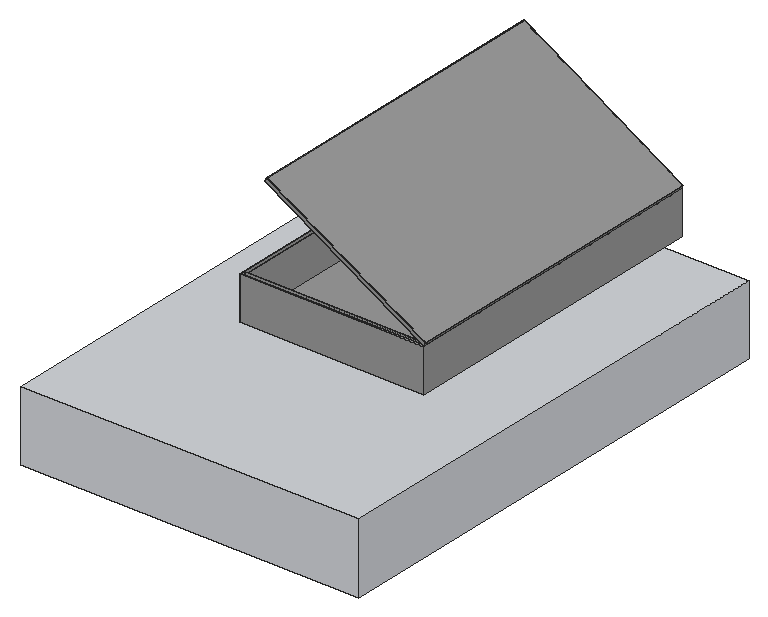
Revit family "Hager-Univers-IP44-D205-H1400-Cl.II-Encl-BE-en", category Equipement électrique, Revit 2020
Family settings
  Hôte = Face
  Configuration du panneau = Deux colonnes, circuits au sein
  Cote de connecteur circulaire = Utiliser le diamètre
  Type d'élément = Tableau de raccordement
  Couper avec des vides une fois chargée = Non
  Partagée = Non
  Point de calcul de pièce = Non
Parameters (values of type "Surface mounted (plaster) IP44 W800 H1400 D205  - FP93QS")
  Width Control [instance] = if([EF000008 - Width] > Min Width, [EF000008 - Width], Min Width)  # 800 mm
  Commentaires du type = [HG000003 - Range]  # "Univers"
  Thickness Door [instance] = if([EF009171 - Material plate thickness door/cover] > 3 mm, 3 mm, [EF009171 - Material plate thickness door/cover])  # 1 mm
  Seal Frame Offset [instance] = 17 mm  # constant formula
  Plinth Visibility [instance] = [HG000027 - Plinth height] > 0 mm  # no
  Model = ""
  Min Width [instance] = 100 mm  # constant formula
  Min Height [instance] = 100 mm  # constant formula
  Min Depth [instance] = (2 * [EF009170 - Material plate thickness cabinet]) + 1 mm  # 3 mm
  Internal Frame Depth [instance] = (Door System Depth * 0.5)  # 9 mm
  Height Control [instance] = if([EF000040 - Height] > Min Height, [EF000040 - Height], Min Height)  # 1400 mm
  HG000027 - Plinth height = 0 mm
  HG000026 - Floor standing = no
  HG000024 - Bottom section height = 800 mm
  HG000023 - Double section enclosure = no
  HG000016 - Door 3d visibility [instance] = yes
  HG000015 - Clearance visibility [instance] = no
  HG000014 - Door on the right [instance] = yes
  HG000013 - Door on the left [instance] = not([HG000014 - Door on the right])  # no
  HG000012 - Door swing angle [instance] = 30.00°
  HG000010 - Asymmetric doors = no
  HG000009 - Double swing door = no
  HG000006 - Flush mounted = no
  HG000004 - Manufacturer reference = "FP93QS"
  HG000003 - Range = "Univers"
  HG000002 - With door or cover = yes
  Frame Offset Bottom [instance] = 10 mm  # constant formula
  Frame Offset [instance] = 15 mm  # constant formula
  EF015940 - Cover with overpressure release = no
  EF011959 - Degree of protection (NEMA) = ""
  EF009554 - Number of openings for flange plates = 6
  EF009212 - Cover model = "EV000116 - Closed"
  EF009171 - Material plate thickness door/cover = 1 mm
  EF009170 - Material plate thickness cabinet = 1 mm
  Fabricant = "Hager"  # constant formula
  EF008873 - Nominal current (In) = 250 A
  EF007800 - Suitable for lightning protection = no
  EF006306 - With lock = no
  EF006244 - Transparent cover/door = no
  EF005474 - Degree of protection (IP) = "EV006418 - IP44"
  EF004464 - Type of door = "EV002646 - Single"
  EF004427 - Number of modules = 324
  EF004293 - Impact strength = "EV006815 - IK09"
  EF003532 - Suitable for outdoor use = no
  EF002950 - Width in number of modular spacings = 36
  EF001613 - Circuit integrity = "EV000494 - None"
  EF001596 - Material housing = "EV000179 - Steel"
  EF001131 - Internal depth = 143 mm
  EF001088 - Extension possible = yes
  EF000437 - Number of conduit inlets = 6
  EF000339 - Type of cover = "EV001012 - Cover"
  EF000266 - Number of rows = 9
  EF000218 - Built-in depth = 0 mm
  EF000118 - With mounting plate = no
  EF000116 - RAL-number = "9010"
  EF000049 - Depth = 205 mm
  EF000040 - Height = 1400 mm
  EF000008 - Width = 800 mm
  EF000007 - Colour = "EV000202 - White"
  EF000003 - Mounting method = "EV000384 - Surface mounted (plaster)"
  Door System Leaf Tolerance [instance] = 1.5 mm  # constant formula
  Door System Depth [instance] = 18 mm  # constant formula
  Door Height [instance] = Height Control - [HG000027 - Plinth height]  # 1400 mm
  Depth Control [instance] = if([EF000049 - Depth] > Min Depth, [EF000049 - Depth], Min Depth)  # 205 mm
  Default Elevation = 0 mm
  Connector Offset [instance] = Height Control / 2  # 700 mm
  Bottom Top Plate Trim [instance] = 1.5 mm  # constant formula
  Plinth height Ctrl [instance] = if([HG000027 - Plinth height] > 0 mm, [HG000027 - Plinth height], 12 mm)  # 12 mm
Types (5, lengths in mm): name | Width Control | HG000009 - Double swing door | HG000004 - Manufacturer reference | EF009554 - Number of openings for flange plates | EF004464 - Type of door | EF004427 - Number of modules | EF002950 - Width in number of modular spacings | EF000437 - Number of conduit inlets | EF000008 - Width
  Surface mounted (plaster) IP44 W1050 H1400 D205  - FP94QS | 1050 | yes | "FP94QS" | 8 | "EV003602 - Double" | 432 | 48 | 8 | 1050
  Surface mounted (plaster) IP44 W1300 H1400 D205  - FP95QS | 1300 | yes | "FP95QS" | 10 | "EV003602 - Double" | 540 | 60 | 10 | 1300
  Surface mounted (plaster) IP44 W300 H1400 D205  - FP91QS | 300 | no | "FP91QS" | 2 | "EV002646 - Single" | 108 | 12 | 2 | 300
  Surface mounted (plaster) IP44 W550 H1400 D205  - FP92QS | 550 | no | "FP92QS" | 4 | "EV002646 - Single" | 216 | 24 | 4 | 550
  Surface mounted (plaster) IP44 W800 H1400 D205  - FP93QS | 800 | no | "FP93QS" | 6 | "EV002646 - Single" | 324 | 36 | 6 | 800
Reference planes
  plane 1 "Center (Front/Back)": y = 0
  plane 2: z = 0
  plane 3 "Center (Left/Right)": x = 0
  plane 4: z = 205
  plane 5: y = 1
  plane 6: y = 700
  plane 7: y = 0
  plane 8: y = 1400
  plane 9: z = 0
  plane 10: x = -385
  plane 11: x = 385
  plane 12: x = 384
  plane 13: x = -384
  plane 14: y = 1399
  plane 15: x = -383
  plane 16: x = -400
  plane 17: x = 383
  plane 18: x = 400
  plane 19: x = 399
  plane 20: x = -399
  plane 21: y = 11
  plane 22: y = 1400
  plane 23: y = 1384
  plane 24: z = 187
  plane 25: z = 1
  plane 26: z = 186
  plane 27: z = 204
Forms (mm)
  Extrusion 1, solid
    sketch origin (0, 0, 0) x (1, 0, 0) y (0, 1, 0)
      loop
        line (-702.964, 1305) -> (-702.964, -811.445) -> (766.763, -811.445) -> (766.763, 1305) -> (-702.964, 1305)
    from 0 to -304.8
  Extrusion 2, solid, material "Hager_Steel_RAL7035_Light_Grey", visible <- "Plinth Visibility", detail levels medium+fine
    sketch origin (0, 0, 0) x (1, 0, 0) y (0, 1, 0)
      loop
        line (-400, 0) -> (400, 0) -> (400, 12) -> (-400, 12) -> (-400, 0)
    from 0 to 187
  Extrusion 3, solid, material "Hager_Steel_RAL7035_Light_Grey", detail levels medium+fine
    sketch origin (0, 0, 0) x (1, 0, 0) y (0, 1, 0)
      loop
        line (-400, 0) -> (400, 0) -> (400, 1400) -> (-400, 1400) -> (-400, 0)
    from 0 to 187
  Extrusion 4, void
    sketch origin (0, 0, 0) x (1, 0, 0) y (0, 1, 0)
      loop
        line (-399, 1) -> (399, 1) -> (399, 1399) -> (-399, 1399) -> (-399, 1)
    from 1 to 186
  Extrusion 5, void
    sketch origin (-381.607, -4572, 187) x (0, -1, 0) y (-1, 0, 0)
      loop
        line (-4583, 2.393) -> (-5956, 2.393) -> (-5956, -765.607) -> (-4583, -765.607) -> (-4583, 2.393)
    from 0 to 1 <- "EF009170 - Material plate thickness cabinet"
  Extrusion 6, solid, material "Hager_Steel_RAL7035_Light_Grey", detail levels fine
    sketch origin (0, 0, 187) x (1, 0, 0) y (0, 1, 0)
      loop
        line (-384, 1384) -> (-384, 11) -> (384, 11) -> (384, 1384) -> (-384, 1384)
      loop
        line (-385, 10) -> (385, 10) -> (385, 1385) -> (-385, 1385) -> (-385, 10)
    from 0 to 9 <- "Internal Frame Depth"
  Extrusion 7, solid, material "Hager_Steel_RAL7035_Light_Grey", detail levels coarse
    sketch origin (0, 0, 0) x (1, 0, 0) y (0, 1, 0)
      loop
        line (-400, 0) -> (400, 0) -> (400, 1400) -> (-400, 1400) -> (-400, 0)
    from 0 to 205
  Sweep 8, void
    path in 3D
      loop
        line (-400, 12, 0) -> (400, 12, 0) -> (400, 12, 187) -> (-400, 12, 187) -> (-400, 12, 0)
    profile origin (-400, 12, 93.5) x (-1, 0, 0) y (0, -1, 0)
      loop
        line (0, 0) -> (0, 1.5) -> (-1.5, 1.5)
        arc (-1.5, 1.5) -> (-1.061, 0.439) -> (0, 0) r 1.5
Cuts and joins
  Extrusion 4, Extrusion 5 cuts Extrusion 3
  Sweep 8 cuts Extrusion 2
Lines and regions (mm)
  Masking region 1
    outline origin (0, 0, 0) x (1, 0, 0) y (0, 0, 1)
      loop
        line (-400, 205) -> (-400, 0) -> (400, 0) -> (400, 205) -> (-400, 205)
  Masking region 2, detail levels medium+fine
    outline origin (0, 140, 0) x (0, 1, 0) y (0, 0, 1)
      loop
        line (-140, 0) -> (1260, 0) -> (1260, 187) -> (-140, 187) -> (-140, 0)
  Masking region 3, not visible, detail levels medium+fine
    outline origin (0, 297.922, 0) x (0, 1, 0) y (0, 0, 1)
      loop
        line (413.578, 0) -> (453.578, 0) -> (453.578, 194)
        arc (453.578, 194) -> (450.649, 201.071) -> (443.578, 204) r 10
        line (443.578, 204) -> (413.578, 204) -> (413.578, 0)
  Masking region 4, detail levels coarse
    outline origin (0, 0, 180) x (0, 1, 0) y (0, 0, 1)
      loop
        line (0, -180) -> (1400, -180) -> (1400, 25) -> (0, 25) -> (0, -180)
  Masking region 5, visible <- "Plinth Visibility", detail levels medium+fine
    outline origin (0, 52.24, 12.345) x (0, 0, -1) y (0, 1, 0)
      loop
        line (10.845, -40.24) -> (-173.155, -40.24)
        arc (-173.155, -40.24) -> (-173.594, -41.301) -> (-174.655, -41.74) r 1.5
        line (-174.655, -41.74) -> (-174.655, -52.24) -> (12.345, -52.24) -> (12.345, -41.74)
        arc (12.345, -41.74) -> (11.285, -41.301) -> (10.845, -40.24) r 1.5
  Masking region 6, detail levels medium+fine
    outline origin (-381.607, -4572, 187) x (-1, 0, 0) y (0, -1, 0)
      loop
        line (18.393, -5972) -> (18.393, -4572) -> (-781.607, -4572) -> (-781.607, -5972) -> (18.393, -5972)
  Masking region 7, visible <- "Plinth Visibility", detail levels medium+fine
    outline origin (-381.607, -4727, 187) x (-1, 0, 0) y (0, -1, 0)
      loop
        arc (16.893, -4739) -> (17.332, -4737.939) -> (18.393, -4737.5) r 1.5
        line (18.393, -4737.5) -> (18.393, -4727) -> (-781.607, -4727) -> (-781.607, -4737.5)
        arc (-781.607, -4737.5) -> (-780.546, -4737.939) -> (-780.107, -4739) r 1.5
        line (-780.107, -4739) -> (16.893, -4739)
  Masking region 8, detail levels coarse
    outline origin (-442.548, -4669.526, 187) x (-1, 0, 0) y (0, -1, 0)
      loop
        line (-42.548, -6069.526) -> (-42.548, -4669.526) -> (-842.548, -4669.526) -> (-842.548, -6069.526) -> (-42.548, -6069.526)
  sketch lines
    curve 1: line (-400, 12, 187) -> (-400, 12, 0)
    curve 2: line (400, 12, 187) -> (-400, 12, 187)
    curve 3: line (400, 12, 187) -> (400, 12, 0)
    curve 4: line (-400, 12, 0) -> (400, 12, 0)
Dimensions and locks
  "Depth Control": plane 4 to Extrusion 1
  "HG000027 - Plinth height": plane 1 "Center (Front/Back)" to plane 7
  "EF009170 - Material plate thickness cabinet": plane 5 to plane 7
  locked: connector elem to plane 3 "Center (Left/Right)"
  equal spacing: plane 8, plane 6, plane 7
  locked: connector elem to plane 6
  "EF009170 - Material plate thickness cabinet": plane 8 to plane 14
  "EF009170 - Material plate thickness cabinet": plane 10 to plane 13
  "EF009170 - Material plate thickness cabinet": plane 12 to plane 11
  "Frame Offset": plane 20 to plane 13
  "Frame Offset": plane 12 to plane 19
  "EF009170 - Material plate thickness cabinet": plane 16 to plane 20
  "EF009170 - Material plate thickness cabinet": plane 19 to plane 18
  "Seal Frame Offset": plane 16 to plane 15
  "Seal Frame Offset": plane 17 to plane 18
  "Frame Offset Bottom": plane 21 to plane 5
  "Frame Offset": plane 14 to plane 23
  equal spacing: plane 16, plane 3 "Center (Left/Right)", plane 18
  "Width Control": plane 16 to plane 18
  "EF009170 - Material plate thickness cabinet": plane 4 to plane 27
  "EF009170 - Material plate thickness cabinet": plane 24 to plane 26
  "EF009170 - Material plate thickness cabinet": plane 25 to level
  "Door System Depth": plane 4 to plane 24
  "Height Control": plane 1 "Center (Front/Back)" to Extrusion 7 sketch curve
  "Height Control": Masking region 4 sketch curve to plane 1 "Center (Front/Back)"
  "Height Control": plane 1 "Center (Front/Back)" to plane 22
  "Bottom Top Plate Trim": profile plane to Sweep 8 sketch curve
  "Bottom Top Plate Trim": Sweep 8 sketch curve to profile plane
  "Plinth height Ctrl": plane 1 "Center (Front/Back)" to Extrusion 2 sketch curve
  "Plinth height Ctrl": Masking region 5 sketch curve to plane 1 "Center (Front/Back)"
  "Plinth height Ctrl": plane 1 "Center (Front/Back)" to Masking region 7 sketch curve
  "Thickness Door": Extrusion 6 sketch curve to Extrusion 6 sketch curve  (x3)
  "Thickness Door": cut or joined group of Extrusion 3, Extrusion 4, Extrusion 5 to Extrusion 6 sketch curve
  radius of Masking region 3 sketch curve = 10 mm
  "Bottom Top Plate Trim": radius of Masking region 5 sketch curve  (x2)
  "Bottom Top Plate Trim": radius of Sweep 8 sketch curve
  "Bottom Top Plate Trim": radius of Masking region 7 sketch curve  (x2)
  aligned and locked: plane 2 to Extrusion 1
  aligned and locked: level to Extrusion 1
  aligned and locked: level to Masking region 1 sketch curve
  aligned and locked: Masking region 1 sketch curve to plane 18
  aligned and locked: Masking region 1 sketch curve to plane 16
  aligned and locked: plane 7 to Masking region 2 sketch curve
  aligned and locked: level to Masking region 3 sketch curve
  aligned and locked: Masking region 3 sketch curve to plane 27
  aligned and locked: level to Masking region 2 sketch curve
  aligned and locked: plane 1 "Center (Front/Back)" to Extrusion 2 sketch curve
  aligned and locked: Extrusion 3 sketch curve to plane 7
  aligned and locked: plane 16 to Extrusion 3 sketch curve
  aligned and locked: plane 18 to Extrusion 3 sketch curve
  aligned and locked: plane 20 to Extrusion 4 sketch curve
  aligned and locked: plane 19 to Extrusion 4 sketch curve
  aligned and locked: Extrusion 4 sketch curve to plane 5
  aligned and locked: Extrusion 4 to plane 25
  aligned and locked: plane 26 to Extrusion 4
  aligned and locked: plane 24 to Extrusion 3
  aligned and locked: Extrusion 5 sketch curve to plane 21
  aligned and locked: Extrusion 5 sketch curve to plane 13
  aligned and locked: Extrusion 5 sketch curve to plane 12
  aligned and locked: plane 18 to Extrusion 7 sketch curve
  aligned and locked: plane 1 "Center (Front/Back)" to Extrusion 7 sketch curve
  aligned and locked: plane 16 to Extrusion 7 sketch curve
  aligned and locked: plane 4 to Extrusion 7
  aligned and locked: Extrusion 7 to level
  aligned and locked: level to Masking region 4 sketch curve
  aligned and locked: Masking region 4 sketch curve to plane 1 "Center (Front/Back)"
  aligned and locked: Masking region 4 sketch curve to plane 4
  aligned and locked: nested 1 to level
  aligned and locked: nested 1 to plane 16
  aligned and locked: plane 8 to Extrusion 3 sketch curve
  aligned and locked: plane 23 to Extrusion 5 sketch curve
  aligned and locked: plane 14 to Extrusion 4 sketch curve
  aligned and locked: Masking region 2 sketch curve to plane 8
  aligned and locked: level to Masking region 5 sketch curve
  aligned and locked: plane 16 to Extrusion 2 sketch curve
  aligned and locked: plane 18 to Extrusion 2 sketch curve
  aligned and locked: Masking region 5 sketch curve to plane 24
  aligned and locked: Masking region 2 sketch curve to plane 24
  aligned and locked: plane 24 to Extrusion 2
  aligned and locked: profile plane to Sweep 8 sketch curve  (x2)
  aligned and locked: Masking region 6 sketch curve to plane 18
  aligned and locked: Masking region 6 sketch curve to plane 22
  aligned and locked: Masking region 6 sketch curve to plane 16
  aligned and locked: plane 8 to plane 22
  aligned and locked: Masking region 6 sketch curve to plane 7
  aligned and locked: Masking region 7 sketch curve to plane 16
  aligned and locked: Masking region 7 sketch curve to plane 1 "Center (Front/Back)"
  aligned and locked: Masking region 7 sketch curve to plane 18
  aligned and locked: Masking region 8 sketch curve to plane 1 "Center (Front/Back)"
  aligned and locked: Masking region 8 sketch curve to plane 18
  aligned and locked: Masking region 8 sketch curve to plane 22
  aligned and locked: Masking region 8 sketch curve to plane 16
  aligned and locked: nested 2 to plane 7
  aligned and locked: plane 3 "Center (Left/Right)" to nested 2
  aligned and locked: nested 2 to plane 24
  aligned and locked: Extrusion 6 sketch curve to cut or joined group of Extrusion 3, Extrusion 4, Extrusion 5  (x4)
Automatic sketch dimensions
  Extrusion 1 sketch curve to Extrusion 1 sketch curve = 1469.727 mm
  Extrusion 1 sketch curve to Extrusion 1 sketch curve = 2116.445 mm
  Masking region 1 sketch curve to plane 4 = 0 mm
  plane 6 to Masking region 3 sketch curve = 11.5 mm
  Masking region 3 sketch curve to Masking region 3 sketch curve = 30 mm
  Masking region 5 sketch curve to plane 1 "Center (Front/Back)" = 0 mm
Nested families
  nested 1: "Hager_Enclosure_Symbol" at (-400, 0, 0) x (1, 0, 0) z (0, -1, 0), Height <- "Depth Control", Width <- "Width Control", type "Hager_Enclosure_Symbol"
    with Width_Ctrl 800 mm, Width 800 mm, Height_Ctrl 205 mm, Height 205 mm, A_Width_Int 13.453 mm, A_Width 161.438 mm, A_Height_Ctrl 179.375 mm, A_Height 179.375 mm
  nested 2: "EC000058_Univers_Door" at (0, 0, 187) x (1, 0, 0) z (0, 1, 0), Leaf_Tolerance <- "Door System Leaf Tolerance", Angle <- "HG000012 - Door swing angle", Door_Depth <- "Door System Depth", Door_Left <- "HG000013 - Door on the left", Transparent <- "EF006244 - Transparent cover/door", Assymetrical <- "HG000010 - Asymmetric doors", Width <- "Width Control", Clearance <- "HG000015 - Clearance visibility", Double <- "HG000009 - Double swing door", 3d_Door <- "HG000016 - Door 3d visibility", Lock_Visibility <- "EF006306 - With lock", Width_Ctrl <- "Width Control", Door_Right <- "HG000014 - Door on the right", Door <- "HG000002 - With door or cover", Height <- "Door Height", Thickness <- "Thickness Door", type "EC000058_Univers_Door", detail levels medium+fine
    with min_wh 3 mm, Width_Ctrl 800 mm, Width 800 mm, Transparent no, Thickness 1 mm, Seal_Material Hager_Rubber, Lock_Visibility no, Lock_Material Hager_Plastic_RAL9005_Jet_Black, Leaf_Width 800 mm, Leaf_Tolerance_External_Sides 0 mm, Leaf_Tolerance 1.5 mm, Leaf_Offset 0 mm, Leaf_Height 1397 mm, Leaf_2_Width 800 mm, Leaf_2_Offset 400 mm, Leaf_1_Width 800 mm, Leaf_1_Offset 400 mm, Height_Ctrl 1400 mm, Height 1400 mm, Glass_Material Hager_Glass, Double_Clearance_Ctrl no, Double no, Door_Right_Ctrl yes, Door_Right yes, Door_Material Hager_Steel_RAL7035_Light_Grey, Door_Left_Ctrl no, Door_Left no, Door_Depth 18 mm, Door yes, Clearance_Material Hager_Clearance, Clearance_Depth 800 mm, Clearance_Ctrl no, Clearance no, Assymetrical no, Angle 30.00°, 3d_Door yes
Connectors
  electrical at (0, 700, 0)
    settings: on plane 9, index 1, voltage 0 V, apparent load 0 VA, apparent load phase1 0 VA, apparent load phase2 0 VA, apparent load phase3 0 VA, power factor 1, load classification "Other", number of poles 1, system type 30, power factor state 1, is connector primary yes, connector utility no, sub classification motor no, connector description ""
Definition of nested family "EC000058_Univers_Door"
  Parameters (values of type "EC000058_Univers_Door")
    min_wh [instance] = (2 * Thickness) + 1 mm  # 11 mm
    Width_Ctrl [instance] = 400 mm
    Width [instance] = 500 mm
    Transparent [instance] = yes
    Thickness [instance] = 5 mm
    Seal_Material [instance] = none
    Lock_Visibility [instance] = yes
    Lock_Material [instance] = none
    Leaf_Width [instance] = if((Width_Ctrl - 2 * Leaf_Tolerance_External_Sides) > 0 mm, (Width_Ctrl - 2 * Leaf_Tolerance_External_Sides), min_wh)  # 400 mm
    Leaf_Tolerance_External_Sides [instance] = 0 mm  # constant formula
    Leaf_Tolerance [instance] = 1.5 mm
    Leaf_Offset [instance] = 0 mm  # constant formula
    Leaf_Height [instance] = if((Height_Ctrl - 2 * Leaf_Tolerance) > 0 mm, (Height_Ctrl - 2 * Leaf_Tolerance), min_wh)  # 497 mm
    Leaf_2_Width [instance] = if(and(and(Double, Assymetrical), Door_Left), (Leaf_Width / 3) - (Leaf_Tolerance / 2), if(and(and(Double, Assymetrical), Door_Right), (Leaf_Width / 3) * 2 - (Leaf_Tolerance / 2), if(and(Double, not(Assymetrical)), (Leaf_Width / 2) - Leaf_Tolerance, Leaf_Width)))  # 400 mm
    Leaf_2_Offset [instance] = if(and(Double, Assymetrical), Leaf_2_Width / 2, if(and(Double, not(Assymetrical)), Leaf_Width / 4, Leaf_Width / 2))  # 200 mm
    Leaf_1_Width [instance] = if(and(and(Double, Assymetrical), Door_Right), (Leaf_Width / 3) - (Leaf_Tolerance / 2), if(and(and(Double, Assymetrical), Door_Left), (Width / 3) * 2 - (Leaf_Tolerance / 2), if(and(Double, not(Assymetrical)), (Leaf_Width / 2) - Leaf_Tolerance, Leaf_Width)))  # 400 mm
    Leaf_1_Offset [instance] = if(and(Double, Assymetrical), Leaf_1_Width / 2, if(and(Double, not(Assymetrical)), Leaf_Width / 4, Leaf_Width / 2))  # 200 mm
    Height_Ctrl [instance] = if(Height > min_wh, Height, min_wh)  # 500 mm
    Height [instance] = 500 mm
    Glass_Material [instance] = none
    Double_Clearance_Ctrl [instance] = and(Double, Clearance)  # no
    Double [instance] = no
    Door_Right_Ctrl [instance] = and(or(Door_Right, Double), Door)  # yes
    Door_Right [instance] = yes
    Door_Material [instance] = none
    Door_Left_Ctrl [instance] = and(or(Door_Left, Double), Door)  # no
    Door_Left [instance] = no
    Door_Depth [instance] = 30 mm
    Door [instance] = yes
    Default Elevation = 1219.2 mm
    Clearance_Material [instance] = none
    Clearance_Depth [instance] = if(Leaf_1_Width > Leaf_2_Width, Leaf_1_Width, Leaf_2_Width)  # 400 mm
    Clearance_Ctrl [instance] = and(not(Double), Clearance)  # yes
    Clearance [instance] = yes
    Assymetrical [instance] = yes
    Angle [instance] = 30.00°
    3d_Door [instance] = yes
  Reference planes
    plane 1 "Center (Front/Back)": y = 0
    plane 2 "Bottom": z = 0
    plane 3 "Center (Left/Right)": x = 0
    plane 4: z = 500
    plane 5: x = -200
    plane 6: x = 200
    plane 7: z = 500
    plane 8: x = -200
    plane 9: z = 0
    plane 10: x = 200
    plane 11: y = 0
    plane 12: z = 1.5
    plane 13: x = -600
    plane 14: y = -400
    plane 15: x = 600
    plane 16: x = 0
    plane 17: x = 0
    plane 18: x = -200
    plane 19: x = 200
    plane 20: z = 498.5
  Forms (mm)
    Extrusion 1, solid, material <- "Clearance_Material", visible <- "Double_Clearance_Ctrl"
      sketch origin (1200, 0, 0) x (1, 0, 0) y (0, 0, -1)
        loop
          line (-1800, -498.5) -> (-600, -498.5) -> (-600, 0) -> (-1800, 0) -> (-1800, -498.5)
      from 0 to -400
  Dimensions and locks
    equal spacing: plane 5, plane 3 "Center (Left/Right)", plane 6
    "Width_Ctrl": plane 5 to plane 6
    "Leaf_Offset": plane 5 to plane 8
    "Leaf_Offset": plane 6 to plane 10
    "Leaf_Offset": plane 9 to level
    "Leaf_Offset": plane 4 to plane 7
    "Height_Ctrl": plane 4 to level
    "Leaf_Tolerance": plane 12 to plane 9
    locked: plane 11 to plane 1 "Center (Front/Back)"
    "Leaf_1_Offset": plane 18 to plane 16
    "Leaf_2_Offset": plane 17 to plane 19
    "Leaf_1_Width": plane 13 to plane 8
    "Leaf_2_Width": plane 10 to plane 15
    "Clearance_Depth": plane 14 to plane 1 "Center (Front/Back)"
    "Leaf_Tolerance_External_Sides": plane 8 to plane 18
    "Leaf_Tolerance_External_Sides": plane 19 to plane 10
    "Leaf_Tolerance": plane 7 to plane 20
    aligned and locked: level to plane 2 "Bottom"
    aligned and locked: nested 1 to plane 16
    aligned and locked: nested 2 to plane 17
    aligned and locked: Extrusion 1 to plane 13
    aligned and locked: plane 15 to Extrusion 1
    aligned and locked: Extrusion 1 to plane 14
    aligned and locked: plane 12 to nested 1
    aligned and locked: nested 2 to plane 12
    aligned and locked: Extrusion 1 to plane 11
    aligned and locked: plane 20 to Extrusion 1
    aligned and locked: nested 2 to plane 11
    aligned and locked: nested 1 to plane 11
  Automatic sketch dimensions
    Extrusion 1 sketch curve to level = 0 mm
    plane 5 to Extrusion 1 sketch curve = 400 mm
    plane 6 to Extrusion 1 sketch curve = 400 mm
    Extrusion 1 sketch curve to plane 4 = 1.5 mm
  Nested families
    nested 1: "EC000058_Univers_Door_Leaf" at (0, 0, 1.5), Width <- "Leaf_1_Width", visible <- "Door_Left_Ctrl", Leaf_Height <- "Leaf_Height", Angle <- "Angle", 3d_Door <- "3d_Door", Transparent <- "Transparent", Clearance Material <- "Clearance_Material", Clearance <- "Clearance_Ctrl", Door_Material <- "Door_Material", Glass_Material <- "Glass_Material", Door_Depth <- "Door_Depth", Lock_Material <- "Lock_Material", Seal_Material <- "Seal_Material", Lock_Visibility <- "Lock_Visibility", Thickness <- "Thickness", type "EC000058_Univers_Door_Leaf"
      with Width 400 mm, Transparent_Glass_Offset 30 mm, Transparent_Ctrl yes, Transparent yes, Thickness 5 mm, Standard no, Seal_Material none, Seal_D2 8 mm, Seal_D1 1 mm, Offset_Internal_Frame 10 mm, Lock_Width 20 mm, Lock_Visibility_3d yes, Lock_Visibility yes, Lock_Thickness_3 3 mm, Lock_Thickness_2 1 mm, Lock_Thickness_1 3 mm, Lock_Radius_Offset_2 16 mm, Lock_Radius_Offset_1 15 mm, Lock_Radius_2 5 mm, Lock_Radius 6 mm, Lock_Offset 5 mm, Lock_Material none, Lock_Height 80 mm, Lock_Cover_Top_Offset_2d 17 mm, Lock_Cover_Height -65 mm, Leaf_Height 497 mm, Internal_Seal_Thickness 8 mm, Internal_Seal_Depth_2 4.5 mm, Internal_Frame_Depth 25 mm, Glass_Thickness -1 mm, Glass_Offset -2 mm, Glass_Material none, Door_Material none, Door_Depth 30 mm, Clearance Material none, Clearance yes, Angle_Ctrl 30.00°, Angle 30.00°, 3d_Door yes
    nested 2: "EC000058_Univers_Door_Leaf" at (0, 0, 1.5) x (-1, 0, 0) z (0, 0, 1), Width <- "Leaf_2_Width", visible <- "Door_Right_Ctrl", Leaf_Height <- "Leaf_Height", Angle <- "Angle", 3d_Door <- "3d_Door", Transparent <- "Transparent", Clearance Material <- "Clearance_Material", Clearance <- "Clearance_Ctrl", Door_Material <- "Door_Material", Glass_Material <- "Glass_Material", Door_Depth <- "Door_Depth", Lock_Material <- "Lock_Material", Seal_Material <- "Seal_Material", Lock_Visibility <- "Lock_Visibility", Thickness <- "Thickness", type "EC000058_Univers_Door_Leaf"
      with Width 400 mm, Transparent_Glass_Offset 30 mm, Transparent_Ctrl yes, Transparent yes, Thickness 5 mm, Standard no, Seal_Material none, Seal_D2 8 mm, Seal_D1 1 mm, Offset_Internal_Frame 10 mm, Lock_Width 20 mm, Lock_Visibility_3d yes, Lock_Visibility yes, Lock_Thickness_3 3 mm, Lock_Thickness_2 1 mm, Lock_Thickness_1 3 mm, Lock_Radius_Offset_2 16 mm, Lock_Radius_Offset_1 15 mm, Lock_Radius_2 5 mm, Lock_Radius 6 mm, Lock_Offset 5 mm, Lock_Material none, Lock_Height 80 mm, Lock_Cover_Top_Offset_2d 17 mm, Lock_Cover_Height -65 mm, Leaf_Height 497 mm, Internal_Seal_Thickness 8 mm, Internal_Seal_Depth_2 4.5 mm, Internal_Frame_Depth 25 mm, Glass_Thickness -1 mm, Glass_Offset -2 mm, Glass_Material none, Door_Material none, Door_Depth 30 mm, Clearance Material none, Clearance yes, Angle_Ctrl 30.00°, Angle 30.00°, 3d_Door yes
  Definition of nested family "EC000058_Univers_Door_Leaf"
    Parameters (values of type "EC000058_Univers_Door_Leaf")
      Width [instance] = 2000 mm
      Transparent_Glass_Offset [instance] = 30 mm
      Transparent_Ctrl [instance] = and(Transparent, [3d_Door])  # yes
      Transparent [instance] = yes
      Thickness [instance] = 5 mm
      Standard [instance] = and(not(Transparent), [3d_Door])  # no
      Seal_Material [instance] = none
      Seal_D2 [instance] = 8 mm  # constant formula
      Seal_D1 [instance] = 1 mm  # constant formula
      Offset_Internal_Frame [instance] = 10 mm  # constant formula
      Lock_Width [instance] = 20 mm  # constant formula
      Lock_Visibility_3d [instance] = and(Lock_Visibility, [3d_Door])  # yes
      Lock_Visibility [instance] = yes
      Lock_Thickness_3 [instance] = 3 mm  # constant formula
      Lock_Thickness_2 [instance] = 1 mm  # constant formula
      Lock_Thickness_1 [instance] = 3 mm  # constant formula
      Lock_Radius_Offset_2 [instance] = Lock_Radius_Offset_1 + 1 mm  # 16 mm
      Lock_Radius_Offset_1 [instance] = 15 mm  # constant formula
      Lock_Radius_2 [instance] = Lock_Radius - 1 mm  # 5 mm
      Lock_Radius [instance] = 6 mm  # constant formula
      Lock_Offset [instance] = 5 mm  # constant formula
      Lock_Material [instance] = none
      Lock_Height [instance] = 80 mm  # constant formula
      Lock_Cover_Top_Offset_2d [instance] = Lock_Radius_Offset_2 + 1 mm  # 17 mm
      Lock_Cover_Height [instance] = -(Lock_Height - Lock_Radius_Offset_1)  # -65 mm
      Leaf_Height [instance] = 2720.336 mm
      Internal_Seal_Thickness [instance] = 8 mm  # constant formula
      Internal_Seal_Depth_2 [instance] = 4.5 mm  # constant formula
      Internal_Frame_Depth [instance] = if(Door_Depth - Thickness > 5 mm, Door_Depth - Thickness, 5 mm)  # 25 mm
      Glass_Thickness [instance] = if(Thickness > 15 mm, Glass_Offset + 10 mm, -1 mm)  # -1 mm
      Glass_Offset [instance] = if(Thickness > 15 mm, -(Thickness + 10 mm) / 2, -2 mm)  # -2 mm
      Glass_Material [instance] = none
      Door_Material [instance] = none
      Door_Depth [instance] = 30 mm
      Default Elevation = 0 mm
      Clearance Material [instance] = none
      Clearance [instance] = yes
      Angle_Ctrl [instance] = if(Angle > 180.00°, 180.00°, Angle)  # 90.00°
      Angle [instance] = 90.00°
      3d_Door [instance] = yes
    Reference planes
      plane 1 "Center (Front/Back)": y = 0
      plane 2: z = 0
      plane 3 "Center (Left/Right)": x = 0
      plane 4: y = 2000
      plane 5: x = -1000
      plane 6: x = 1000
      plane 7: x = -3000
      plane 8: z = 2720.336
      plane 9: z = 30
      plane 10: z = 2690.336
      plane 11: x = 970
      plane 12: x = -970
      plane 13: y = -3
      plane 14: z = 107.833
      plane 15: y = -5
      plane 16: y = -223.314
      plane 17: x = -1000
      plane 18: z = 1360.168
      plane 19: y = 30
    Forms (mm)
      Extrusion 1, solid, material <- "Clearance Material", visible <- "Clearance"
        sketch origin (0, 0, 0) x (1, 0, 0) y (0, 0, 1)
          loop
            line (-3000, 2720.336) -> (-3000, 0) -> (1000, 0) -> (1000, 2720.336) -> (-3000, 2720.336)
        from 0 to -2000
      Extrusion 2, solid, material <- "Door_Material", visible <- "Standard", detail levels medium+fine
        sketch origin (-1000, 0, 0) x (0, 1, 0) y (-1, 0, 0)
          loop
            line (0, 30) -> (0, 25) -> (2000, 25) -> (2000, 30) -> (0, 30)
        from 0 to 2720.336 <- "Leaf_Height"
      Extrusion 3, solid, material <- "Door_Material", visible <- "Transparent_Ctrl", detail levels medium+fine
        sketch origin (-1000, 0, 0) x (0, 1, 0) y (-1, 0, 0)
          loop
            line (0, 25) -> (2000, 25) -> (2000, 30) -> (0, 30) -> (0, 25)
        from 0 to 2720.336 <- "Leaf_Height"
      Extrusion 4, void
        sketch origin (-1025, 2000, 0) x (0, 1, 0) y (0, 0, -1)
          loop
            line (-30, -2690.336) -> (-30, -30) -> (-1970, -30) -> (-1970, -2690.336) -> (-30, -2690.336)
        from 0 to 5 <- "Thickness"
      Sweep 5, solid, material <- "Seal_Material", visible <- "Transparent_Ctrl", detail levels fine
        path in 3D
          loop
            line (-1025, 30, 30) -> (-1025, 30, 2690.336) -> (-1025, 1970, 2690.336) -> (-1025, 1970, 30) -> (-1025, 30, 30)
        profile origin (-1025, 1000, 30) x (1, 0, 0) y (0, 0, 1)
          loop
            line (0, 0) -> (0, -8) -> (1, -8) -> (1, 0) -> (0, 0)
      Extrusion 6, solid, material <- "Glass_Material", visible <- "Transparent_Ctrl", detail levels medium+fine
        sketch origin (-1030, 0, 0) x (0, 1, 0) y (0, 0, -1)
          loop
            line (1970, -2690.336) -> (1970, -30) -> (30, -30) -> (30, -2690.336) -> (1970, -2690.336)
        from -2 <- "Glass_Offset" to -1 <- "Glass_Thickness"
      Extrusion 7, solid, material <- "Door_Material", visible <- "3d_Door", detail levels medium+fine
        sketch origin (-1025, 2000, 0) x (0, -1, 0) y (0, 0, -1)
          loop
            line (0, -2720.336) -> (2000, -2720.336) -> (2000, 0) -> (0, 0) -> (0, -2720.336)
          loop
            line (1995, -5) -> (5, -5) -> (5, -2715.336) -> (1995, -2715.336) -> (1995, -5)
        from 0 to 25 <- "Internal_Frame_Depth"
      Sweep 8, solid, material <- "Seal_Material", visible <- "Transparent_Ctrl", detail levels fine
        path in 3D
          loop
            line (-1025, 0, 0) -> (-1025, 2000, 0) -> (-1025, 2000, 2720.336) -> (-1025, 0, 2720.336) -> (-1025, 0, 0)
        profile origin (-1025, 0, 1360.168) x (1, 0, 0) y (0, 1, 0)
          loop
            line (0, 10) -> (2.975, 10)
            arc (2.975, 10) -> (4.053, 10.447) -> (4.5, 11.525) r 1.525
            line (4.5, 11.525) -> (4.5, 16.527)
            arc (4.5, 16.527) -> (4.069, 17.569) -> (3.027, 18) r 1.473
            line (3.027, 18) -> (0, 18) -> (0, 10)
      Extrusion 9, solid, material <- "Lock_Material", visible <- "Lock_Visibility_3d", detail levels fine
        sketch origin (-1030, 0, 0) x (0, 1, 0) y (0, 0, -1)
          loop
            arc (1993.5, -1400.168) -> (1994.561, -1399.729) -> (1995, -1398.668) r 1.5
            line (1995, -1398.668) -> (1995, -1320.168) -> (1975, -1320.168) -> (1975, -1398.668)
            arc (1975, -1398.668) -> (1975.439, -1399.729) -> (1976.5, -1400.168) r 1.5
            line (1976.5, -1400.168) -> (1993.5, -1400.168)
        from 3 <- "Lock_Thickness_1" to 0
      Blend 10, solid, material <- "Lock_Material", visible <- "Lock_Visibility_3d", detail levels fine
        base sketch origin (-1033, 0, 0) x (0, 1, 0) y (0, 0, -1)
          loop
            line (1975, -1320.168) -> (1975, -1398.668)
            arc (1975, -1398.668) -> (1975.439, -1399.729) -> (1976.5, -1400.168) r 1.5
            line (1976.5, -1400.168) -> (1993.5, -1400.168)
            arc (1993.5, -1400.168) -> (1994.561, -1399.729) -> (1995, -1398.668) r 1.5
            line (1995, -1398.668) -> (1995, -1320.168) -> (1975, -1320.168)
        top sketch origin (-1033, 0, 0) x (0, 1, 0) y (0, 0, -1)
          loop
            line (1976, -1320.168) -> (1976, -1398.668)
            arc (1976, -1398.668) -> (1976.146, -1399.022) -> (1976.5, -1399.168) r 0.5
            line (1976.5, -1399.168) -> (1993.5, -1399.168)
            arc (1993.5, -1399.168) -> (1993.854, -1399.022) -> (1994, -1398.668) r 0.5
            line (1994, -1398.668) -> (1994, -1320.168) -> (1976, -1320.168)
        from 0 to 1 <- "Lock_Thickness_2"
      Blend 11, solid, material <- "Lock_Material", visible <- "Lock_Visibility_3d", detail levels fine
        base sketch origin (-1034, 0, 0) x (0, 1, 0) y (0, 0, -1)
          loop
            line (1978, -1320.168) -> (1978, -1384.168)
            arc (1978, -1384.168) -> (1985, -1391.168) -> (1992, -1384.168) r 7
            line (1992, -1384.168) -> (1992, -1320.168) -> (1978, -1320.168)
        top sketch origin (-1034, 0, 0) x (0, 1, 0) y (0, 0, -1)
          loop
            line (1991, -1320.168) -> (1979, -1320.168) -> (1979, -1383.168)
            arc (1979, -1383.168) -> (1985, -1389.168) -> (1991, -1383.168) r 6
            line (1991, -1383.168) -> (1991, -1320.168)
        from 0 to 3 <- "Lock_Thickness_3"
      Extrusion 12, solid, material <- "Lock_Material", visible <- "Lock_Visibility_3d", detail levels fine
        sketch origin (-1030, 1975, 1320.168) x (1, 0, 0) y (0, -1, 0)
          loop
            line (-7, -19) -> (-7, -1) -> (0, -1) -> (0, 0) -> (-8, 0) -> (-8, -20) -> (0, -20) -> (0, -19) -> (-7, -19)
        from 0 to -65 <- "Lock_Cover_Height"
      Extrusion 13, void
        sketch origin (-1038, 1995, 1320.168) x (-1, 0, 0) y (0, 0, -1)
          loop
            line (-5, -65) -> (0, -65) -> (-5, -60) -> (-5, -65)
        from 0 to 20 <- "Lock_Width"
      Extrusion 14, void
        sketch origin (-1038, 1975, 1320.168) x (0, -1, 0) y (0, 0, -1)
          loop
            circle (-10, -15.995) r 6
          loop
            circle (-10, -15.995) r 5
        from 0 to 2
      Extrusion 15, solid, material <- "Lock_Material", visible <- "Lock_Visibility_3d", detail levels medium
        sketch origin (-1030, 0, 0) x (0, 1, 0) y (0, 0, -1)
          loop
            arc (1993.5, -1400.168) -> (1994.561, -1399.729) -> (1995, -1398.668) r 1.5
            line (1995, -1398.668) -> (1995, -1320.168) -> (1975, -1320.168) -> (1975, -1398.668)
            arc (1975, -1398.668) -> (1975.439, -1399.729) -> (1976.5, -1400.168) r 1.5
            line (1976.5, -1400.168) -> (1993.5, -1400.168)
        from 8 to 0
    Cuts and joins
      Extrusion 4 cuts Extrusion 3
      Extrusion 13, Extrusion 14 cuts Extrusion 9
      Extrusion 14 cuts Blend 11
      Extrusion 13, Extrusion 14 cuts Extrusion 12
      joined: Extrusion 9, Blend 10, Blend 11, Extrusion 12
      Extrusion 14 cuts Extrusion 15
    Lines and regions (mm)
      Masking region 1, visible <- "Lock_Visibility", detail levels fine
        outline origin (0, 0, 0) x (0, 1, 0) y (0, 0, 1)
          loop
            line (30, 1320.168) -> (33, 1320.168) -> (33, 1400.168) -> (30, 1400.168) -> (30, 1320.168)
      Masking region 2, visible <- "Lock_Visibility", detail levels fine
        outline origin (0, 3.143, 0) x (0, 1, 0) y (0, 0, 1)
          loop
            line (29.857, 1354.168) -> (30.857, 1354.168) -> (30.857, 1366.168) -> (29.857, 1366.168) -> (29.857, 1354.168)
      Masking region 3, detail levels medium+fine
        outline origin (0, 0, 0) x (0, 1, 0) y (0, 0, 1)
          loop
            line (0, 0) -> (30, 0) -> (30, 2720.336) -> (0, 2720.336) -> (0, 0)
      Masking region 4, detail levels medium+fine
        outline origin (0, 0, 0) x (1, 0, 0) y (0, 0, 1)
          loop
            line (-1000, 2720.336) -> (-1000, 0) -> (1000, 0) -> (1000, 2720.336) -> (-1000, 2720.336)
      Masking region 5, visible <- "Lock_Visibility", detail levels fine
        outline origin (-47.116, 0, 0) x (1, 0, 0) y (0, 0, 1)
          loop
            arc (1024.616, 1399.168) -> (1023.556, 1398.729) -> (1023.116, 1397.668) r 1.5
            line (1023.116, 1397.668) -> (1023.116, 1320.168) -> (1041.116, 1320.168) -> (1041.116, 1397.668)
            arc (1041.116, 1397.668) -> (1040.677, 1398.729) -> (1039.616, 1399.168) r 1.5
            line (1039.616, 1399.168) -> (1024.616, 1399.168)
      Masking region 6, visible <- "Lock_Visibility", detail levels medium+fine
        outline origin (-25, 0, 0) x (1, 0, 0) y (0, 0, 1)
          loop
            arc (1001.5, 1400.168) -> (1000.439, 1399.729) -> (1000, 1398.668) r 1.5
            line (1000, 1398.668) -> (1000, 1320.168) -> (1020, 1320.168) -> (1020, 1398.668)
            arc (1020, 1398.668) -> (1019.561, 1399.729) -> (1018.5, 1400.168) r 1.5
            line (1018.5, 1400.168) -> (1001.5, 1400.168)
      Masking region 7, visible <- "Lock_Visibility", detail levels fine
        outline origin (-73.735, 0, 0) x (1, 0, 0) y (0, 0, 1)
          loop
            line (1051.735, 1382.168) -> (1065.735, 1382.168) -> (1065.735, 1384.168)
            arc (1065.735, 1384.168) -> (1058.735, 1391.168) -> (1051.735, 1384.168) r 7
            line (1051.735, 1384.168) -> (1051.735, 1382.168)
      Masking region 8, visible <- "Lock_Visibility", detail levels fine
        outline origin (-73.735, 0, 0) x (1, 0, 0) y (0, 0, 1)
          loop
            line (1052.735, 1382.168) -> (1064.735, 1382.168) -> (1064.735, 1383.168)
            arc (1064.735, 1383.168) -> (1058.735, 1389.168) -> (1052.735, 1383.168) r 6
            line (1052.735, 1383.168) -> (1052.735, 1382.168)
      Masking region 9, visible <- "Lock_Visibility", detail levels fine
        outline origin (-25, 0, 0) x (1, 0, 0) y (0, 0, 1)
          loop
            line (1020, 1320.168) -> (1020, 1382.168) -> (1000, 1382.168) -> (1000, 1320.168) -> (1020, 1320.168)
      Masking region 10, detail levels medium+fine
        outline origin (0, 0, 0) x (1, 0, 0) y (0, 0, 1)
          loop
            circle (985, 1335.144) r 6
      Masking region 11, detail levels fine
        outline origin (0, 0, 0) x (1, 0, 0) y (0, 0, 1)
          loop
            circle (985, 1335.144) r 5
      Masking region 12, visible <- "Lock_Visibility", detail levels fine
        outline origin (0, 12.767, 0) x (0, 1, 0) y (0, 0, 1)
          loop
            line (20.233, 1320.168) -> (21.233, 1320.168) -> (21.233, 1399.168) -> (20.233, 1400.168) -> (20.233, 1320.168)
      Masking region 13, visible <- "Lock_Visibility", detail levels fine
        outline origin (0, 13.767, -10) x (0, 1, 0) y (0, 0, 1)
          loop
            line (20.233, 1330.168) -> (23.233, 1330.168) -> (23.233, 1399.168) -> (20.233, 1402.168) -> (20.233, 1330.168)
      Masking region 14, visible <- "Lock_Visibility", detail levels fine
        outline origin (0, 12.767, -10) x (0, 1, 0) y (0, 0, 1)
          loop
            line (20.233, 1330.168) -> (25.233, 1330.168) -> (25.233, 1399.305) -> (20.233, 1394.305) -> (20.233, 1330.168)
      Masking region 15, visible <- "Lock_Visibility", detail levels medium
        outline origin (0, 0, 0) x (0, 1, 0) y (0, 0, 1)
          loop
            line (30, 1320.168) -> (38, 1320.168) -> (38, 1400.168) -> (30, 1400.168) -> (30, 1320.168)
      Masking region 16, visible <- "Lock_Visibility", detail levels fine
        outline origin (-1000, 0, 0) x (0, 1, 0) y (-1, 0, 0)
          loop
            line (1975, 30) -> (1995, 30) -> (1995, 38) -> (1975, 38) -> (1975, 30)
          loop
            line (1979, 37) -> (1976, 37) -> (1976, 34) -> (1978, 34) -> (1979, 37)
          loop
            line (1994, 37) -> (1991, 37) -> (1992, 34) -> (1994, 34) -> (1994, 37)
      Masking region 17, visible <- "Lock_Visibility", detail levels medium
        outline origin (-1000, 0, 0) x (0, 1, 0) y (-1, 0, 0)
          loop
            line (1975, 30) -> (1995, 30) -> (1995, 38) -> (1975, 38) -> (1975, 30)
      symbolic lines
        curve 1: line (1000, 0, 0) -> (-3000, 0, 0)
        curve 2: arc (1000, 0, 0) -> (-1000, 2000, 0) -> (-3000, 0, 0) r 2000
        curve 4: line (-1030, 0, 0) -> (-1030, 2000, 0)
      reference lines
        curve 3: line (-1000, 0, 0) -> (-1000, 2000, 0)
      symbolic lines, detail levels medium+fine
        curve 5: line (-1030, 2000, 0) -> (-1025, 2000, 0)
        curve 7: line (-1025, 0, 0) -> (-1030, 0, 0)
        curve 8: line (-1025, 0, 0) -> (-1000, 0, 0)
        curve 9: line (-1000, 0, 0) -> (-1000, 2000, 0)
        curve 10: line (-1000, 2000, 0) -> (-1025, 2000, 0)
      symbolic lines, detail levels fine
        curve 6: line (-1025, 2000, 0) -> (-1025, 0, 0)
      sketch lines
        curve 11: line (-1025, 0, 2720.336) -> (-1025, 0, 0)
        curve 12: line (-1025, 2000, 0) -> (-1025, 0, 0)
        curve 13: line (-1025, 2000, 2720.336) -> (-1025, 2000, 0)
        curve 14: line (-1025, 0, 2720.336) -> (-1025, 2000, 2720.336)
        curve 15: line (-1025, 1970, 30) -> (-1025, 30, 30)
        curve 16: line (-1025, 30, 30) -> (-1025, 30, 2690.336)
        curve 17: line (-1025, 1970, 2690.336) -> (-1025, 1970, 30)
        curve 18: line (-1025, 30, 2690.336) -> (-1025, 1970, 2690.336)
      symbolic lines, visible <- "Transparent", detail levels medium+fine
        curve 19: line (-970, 0, 2690.336) -> (970, 0, 2690.336)
        curve 20: line (-970, 0, 30) -> (-970, 0, 2690.336)
        curve 21: line (970, 0, 30) -> (-970, 0, 30)
        curve 22: line (970, 0, 2690.336) -> (970, 0, 30)
    Dimensions and locks
      "Width": plane 1 "Center (Front/Back)" to plane 4
      equal spacing: plane 5, plane 3 "Center (Left/Right)", plane 6
      "Width": plane 5 to plane 6
      "Width": plane 7 to plane 5
      "Leaf_Height": plane 8 to level
      "Width": curve 5 to curve 3
      "Width": curve 3 to curve 3
      plane 8 to plane 10 = 30 mm
      plane 9 to level = 30 mm
      plane 12 to plane 5 = 30 mm
      plane 6 to plane 11 = 30 mm
      Extrusion 1 to Extrusion 4 sketch curve = 30 mm
      "Transparent_Glass_Offset": curve 3 to Extrusion 4 sketch curve
      "Transparent_Glass_Offset": Extrusion 4 sketch curve to cut or joined group of Extrusion 3, Extrusion 4  (x2)
      cut or joined group of Extrusion 3, Extrusion 4 to Extrusion 6 sketch curve = 30 mm
      "Transparent_Glass_Offset": cut or joined group of Extrusion 3, Extrusion 4 to Extrusion 4 sketch curve
      "Thickness": curve 6 to curve 4
      "Thickness": Extrusion 7 sketch curve to Extrusion 7 sketch curve  (x4)
      "Door_Depth": curve 4 to curve 3
      "Offset_Internal_Frame": profile plane to Sweep 8 sketch curve
      "Internal_Seal_Thickness": Sweep 8 sketch curve to Sweep 8 sketch curve
      "Internal_Seal_Depth_2": profile plane to Sweep 8 sketch curve
      "Seal_D1": profile plane to Sweep 5 sketch curve
      "Seal_D2": profile plane to Sweep 5 sketch curve
      "Thickness": Extrusion 2 sketch curve to Extrusion 2 sketch curve
      equal spacing: Extrusion 9 sketch curve, plane 18, Extrusion 9 sketch curve  (x2)
      equal spacing: Masking region 1 sketch curve, plane 18, Masking region 1 sketch curve
      "Lock_Height": Masking region 1 sketch curve to Masking region 1 sketch curve
      "Lock_Radius": Masking region 2 sketch curve to plane 18 to Masking region 2 sketch curve
      Masking region 2 sketch curve to Masking region 1 = 1 mm
      "Door_Depth": plane 19 to plane 1 "Center (Front/Back)"
      "Lock_Thickness_1": Masking region 1 sketch curve to plane 19
      "Lock_Width": Extrusion 9 sketch curve to Extrusion 9 sketch curve
      "Lock_Height": Extrusion 9 sketch curve to Extrusion 9 sketch curve
      "Lock_Offset": cut or joined group of Extrusion 3, Extrusion 4 to Extrusion 9 sketch curve
      equal spacing: plane 8, plane 18, level
      "Lock_Radius_Offset_1": Blend 11 sketch curve to Blend 10
      locked: Blend 10 to Blend 11 sketch curve at 2  (x2)
      locked: var sketch to Blend 11 sketch curve at 1  (x2)
      "Lock_Radius_Offset_2": Blend 11 sketch curve to Blend 10
      locked: Extrusion 12 sketch curve to Extrusion 12 sketch curve at 1  (x3)
      Masking region 6 sketch curve to Masking region 6 sketch curve = 80 mm
      "Lock_Height": Masking region 6 sketch curve to Masking region 6 sketch curve
      "Lock_Width": Masking region 6 sketch curve to Masking region 6 sketch curve
      locked: Masking region 6 to Masking region 5 sketch curve at 1  (x3)
      locked: Masking region 5 to Masking region 7 sketch curve at 2  (x2)
      "Lock_Radius_Offset_1": Masking region 5 to Masking region 7 sketch curve
      "Lock_Radius_Offset_2": Masking region 5 to Masking region 8 sketch curve
      locked: Masking region 7 to Masking region 8 sketch curve at 1  (x2)
      "Lock_Cover_Top_Offset_2d": Masking region 5 to Masking region 9 sketch curve
      equal spacing: Masking region 9, Masking region 10 sketch curve, Masking region 9
      equal spacing: Masking region 9, Masking region 11 sketch curve, Masking region 9
      Extrusion 15 sketch curve to Extrusion 15 sketch curve = 80 mm
      "Lock_Width": Extrusion 15 sketch curve to Extrusion 15 sketch curve
      "Lock_Height": Extrusion 15 sketch curve to Extrusion 15 sketch curve
      equal spacing: Extrusion 15 sketch curve, plane 18, Extrusion 15 sketch curve
      "Lock_Thickness_3": Masking region 13 sketch curve to Masking region 13 sketch curve
      "Lock_Height": Masking region 12 sketch curve to Masking region 12 sketch curve
      locked: Masking region 13 sketch curve to Masking region 1 at 8
      locked: Masking region 14 sketch curve to Masking region 13 at 1
      locked: Masking region 14 sketch curve to Masking region 1 at 10.863
      "Lock_Height": Masking region 15 sketch curve to Masking region 15 sketch curve
      "Lock_Offset": Extrusion 15 sketch curve to cut or joined group of Extrusion 3, Extrusion 4
      "Lock_Offset": plane 6 to Masking region 6 sketch curve
      radius of Sweep 8 sketch curve = 1.525 mm
      radius of Sweep 8 sketch curve = 1.473 mm
      radius of Extrusion 9 sketch curve = 1.5 mm  (x2)
      "Lock_Radius": radius of Extrusion 14 sketch curve
      "Lock_Radius_2": radius of Extrusion 14 sketch curve
      "Lock_Radius": radius of Masking region 10 sketch curve
      "Lock_Radius_2": radius of Masking region 11 sketch curve
      radius of Extrusion 15 sketch curve = 1.5 mm  (x2)
      "Angle_Ctrl": angle plane 1 "Center (Front/Back)" to curve 3
      locked: Masking region 12 sketch curve to Masking region 12 sketch curve (angle 45.00°)
      locked: Masking region 13 sketch curve to Masking region 13 sketch curve (angle 45.00°)
      locked: Masking region 14 sketch curve to Masking region 14 sketch curve (angle 45.00°)
      aligned and locked: level to plane 2
      aligned and locked: Extrusion 1 to curve 1
      aligned and locked: plane 6 to Extrusion 1
      aligned and locked: Extrusion 1 to plane 1 "Center (Front/Back)"
      aligned and locked: plane 4 to Extrusion 1
      aligned and locked: plane 8 to Extrusion 1
      aligned and locked: curve 7 to Extrusion 2 sketch curve
      aligned and locked: curve 5 to Extrusion 2 sketch curve
      aligned and locked: curve 7 to Extrusion 3 sketch curve
      aligned and locked: Extrusion 3 sketch curve to curve 4
      aligned and locked: Extrusion 3 sketch curve to curve 6
      aligned and locked: Extrusion 3 sketch curve to curve 5
      aligned and locked: curve 9 to curve 3
      aligned and locked: Extrusion 7 sketch curve to cut or joined group of Extrusion 3, Extrusion 4  (x4)
      aligned and locked: plane 17 to curve 3
      aligned and locked: plane 1 "Center (Front/Back)" to curve 3
      aligned and locked: plane 17 to plane 5
      aligned and locked: Sweep 8 sketch curve to profile plane
      aligned and locked: Sweep 5 sketch curve to profile plane  (x2)
      aligned and locked: Masking region 1 to Masking region 2 sketch curve
      aligned and locked: plane 19 to Masking region 1 sketch curve
      aligned and locked: plane 1 "Center (Front/Back)" to Masking region 3 sketch curve
      aligned and locked: plane 19 to Masking region 3 sketch curve
      aligned and locked: level to Masking region 3 sketch curve
      aligned and locked: Masking region 3 sketch curve to plane 8
      aligned and locked: plane 17 to Masking region 4 sketch curve
      aligned and locked: level to Masking region 4 sketch curve
      aligned and locked: Masking region 4 sketch curve to plane 8
      aligned and locked: plane 12 to curve 20
      aligned and locked: plane 10 to curve 19
      aligned and locked: plane 11 to curve 22
      aligned and locked: curve 21 to plane 9
      aligned and locked: Extrusion 2 sketch curve to cut or joined group of Extrusion 3, Extrusion 4
      aligned and locked: Blend 10 sketch curve to Extrusion 9  (x4)
      aligned and locked: Extrusion 9 to Blend 10 sketch curve
      aligned and locked: Blend 10 to Blend 11 sketch curve
      aligned and locked: Extrusion 12 sketch curve to Blend 11
      aligned and locked: Extrusion 12 sketch curve to Extrusion 9  (x4)
      aligned and locked: Masking region 5 sketch curve to Masking region 6
      aligned and locked: Masking region 9 sketch curve to Masking region 6  (x3)
      aligned and locked: Masking region 12 sketch curve to Masking region 1
      aligned and locked: Masking region 13 sketch curve to Masking region 1
      aligned and locked: Masking region 12 to Masking region 14
      aligned and locked: Masking region 14 sketch curve to Masking region 1
      aligned and locked: Masking region 15 sketch curve to Masking region 14
      aligned and locked: Masking region 13 sketch curve to Masking region 12
      aligned and locked: Masking region 16 sketch curve to cut or joined group of Extrusion 14, Extrusion 15  (x4)
      aligned and locked: Masking region 16 sketch curve to cut or joined group of Extrusion 9, Blend 10, Blend 11, Extrusion 12, Extrusion 13, Extrusion 14  (x6)
      aligned and locked: cut or joined group of Extrusion 9, Blend 10, Blend 11, Extrusion 12, Extrusion 13, Extrusion 14 to Masking region 16 sketch curve
      aligned and locked: Masking region 17 sketch curve to cut or joined group of Extrusion 14, Extrusion 15  (x3)
      aligned and locked: Masking region 17 sketch curve to cut or joined group of Extrusion 9, Blend 10, Blend 11, Extrusion 12, Extrusion 13, Extrusion 14
      aligned and locked: Masking region 9 to Masking region 8 sketch curve
      aligned and locked: Masking region 9 to Masking region 7 sketch curve
    Automatic sketch dimensions
      plane 1 "Center (Front/Back)" to curve 2 = 0 mm
      curve 2 to plane 5 = 0 mm
      Extrusion 1 sketch curve to level = 0 mm
      Extrusion 1 sketch curve to plane 7 = 0 mm
      Extrusion 1 sketch curve to plane 6 = 0 mm
      Extrusion 1 sketch curve to plane 8 = 0 mm
      Extrusion 3 to Extrusion 6 sketch curve = 30 mm  (x4)
      Masking region 4 sketch curve to plane 6 = 0 mm
      Blend 10 sketch curve to Extrusion 9 = 1.5 mm
      Blend 10 sketch curve to Extrusion 9 = 1 mm
      Extrusion 13 sketch curve to Extrusion 12 = 0 mm  (x2)
      Extrusion 12 to Extrusion 13 sketch curve = 3 mm
      Extrusion 13 sketch curve to Extrusion 12 = 5 mm
      Extrusion 14 sketch curve to Extrusion 14 sketch curve = 0 mm  (x2)
      Extrusion 14 sketch curve to Extrusion 12 = 10 mm
      Extrusion 14 sketch curve to Extrusion 12 = 15.995 mm
      Masking region 5 sketch curve to Masking region 5 sketch curve = 1.5 mm  (x2)
      Masking region 10 sketch curve to plane 18 = 25.024 mm
      Masking region 11 sketch curve to plane 18 = 25.024 mm
      plane 19 to Masking region 14 sketch curve = 3 mm
      Masking region 16 sketch curve to Masking region 16 sketch curve = 3 mm
      curve 4 to curve 3 = 0 mm
      Blend 10 to Blend 11 sketch curve = 0 mm
      Masking region 6 sketch curve to Masking region 6 sketch curve = 1.5 mm  (x2)
      Masking region 6 sketch curve to plane 18 = 40 mm
      plane 19 to Masking region 12 sketch curve = 3 mm
      Masking region 12 sketch curve to Masking region 12 sketch curve = 1 mm
      Masking region 15 sketch curve to plane 19 = 0 mm
      Masking region 15 sketch curve to plane 18 = 40 mm
      radius of Blend 10 sketch curve to Extrusion 9 = 1 mm
Definition of nested family "Hager_Enclosure_Symbol"
  Parameters (values of type "Hager_Enclosure_Symbol")
    Width_Ctrl [instance] = if(Width > 1 mm, Width, 1 mm)  # 102.27 mm
    Width [instance] = 102.27 mm
    Height_Ctrl [instance] = if(Height > 1 mm, Height, 1 mm)  # 66.5 mm
    A_Width_Int [instance] = if(A_Width / 12 > 2 mm, A_Width / 12, 2 mm)  # 4.364 mm
    A_Width [instance] = if(A_Height_Ctrl * 0.9 > 2 mm, A_Height_Ctrl * 0.9, 2 mm)  # 52.369 mm
    A_Height_Ctrl [instance] = if(A_Height > 2 mm, A_Height, 2 mm)  # 58.188 mm
    Height [instance] = 66.5 mm
    A_Height [instance] = Height - (Height / 8)  # 58.188 mm
  Reference planes
    plane 1 "Centre (avant/arrière)": y = 0
    plane 2: z = 0
    plane 3 "Centre (gauche/droite)": x = 0
    plane 4: x = 52.369
    plane 5: y = 33.042
    plane 6: y = 41.77
    plane 7: y = 66.5
    plane 8: x = 26.184
    plane 9: y = 37.406
    plane 10: x = 102.27
    plane 11: y = 66.5
    plane 12: y = 8.313
  Lines and regions (mm)
    Filled region 1, type "Solid_Black", in view "Niveau de réf."
      outline origin (0, 0, 0) x (1, 0, 0) y (0, 1, 0)
        loop
          line (52.369, 66.5) -> (33.188, 54.536) -> (45.365, 45.006) -> (52.369, 66.5)
    Filled region 2, type "Solid_Black", in view "Niveau de réf."
      outline origin (0, 0, 0) x (1, 0, 0) y (0, 1, 0)
        loop
          line (0, 0) -> (102.27, 0) -> (102.27, 66.5) -> (0, 0)
    detail lines, in view "Niveau de réf."
      curve 1: line (0, 8.313, 0) -> (26.184, 41.77, 0)
      curve 2: line (26.184, 41.77, 0) -> (26.184, 33.042, 0)
      curve 3: line (26.184, 33.042, 0) -> (52.369, 66.5, 0)
  Dimensions and locks
    "A_Width": plane 3 "Centre (gauche/droite)" to plane 4
    equal spacing: plane 3 "Centre (gauche/droite)", plane 8, plane 4
    equal spacing: plane 6, plane 9, plane 5
    equal spacing: curve 3, Filled region 1 sketch curve, Filled region 1 sketch curve
    "Height_Ctrl": plane 1 "Centre (avant/arrière)" to plane 11
    "A_Height_Ctrl": plane 11 to plane 12
    equal spacing: plane 11, plane 9, plane 12
    "A_Width_Int": plane 6 to plane 9
    "Width_Ctrl": plane 3 "Centre (gauche/droite)" to plane 10
    angle Filled region 1 sketch curve to curve 3 = 20.00°
    angle curve 3 to Filled region 1 sketch curve = 20.00°
    locked: curve 3 to Filled region 1 sketch curve (angle 90.00°)
    aligned and locked: plane 10 to Filled region 2
    aligned and locked: plane 11 to Filled region 2 sketch curve
    aligned and locked: plane 10 to Filled region 2 sketch curve
    aligned and locked: plane 3 "Centre (gauche/droite)" to curve 1
    aligned and locked: plane 12 to curve 1
    aligned and locked: plane 7 to plane 11
  Automatic sketch dimensions
    Filled region 1 sketch curve to plane 4 = 0 mm
    Filled region 1 sketch curve to plane 7 = 0 mm
    plane 1 "Centre (avant/arrière)" to Filled region 2 sketch curve = 0 mm
    Filled region 2 sketch curve to plane 3 "Centre (gauche/droite)" = 0 mm
    curve 2 to plane 6 = 0 mm
    curve 2 to plane 8 = 0 mm
    curve 3 to plane 4 = 0 mm
    curve 2 to plane 5 = 0 mm
    curve 3 to plane 7 = 0 mm
